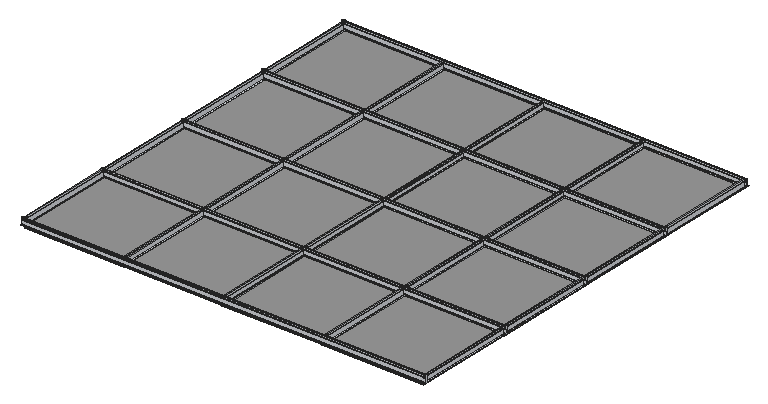
Revit family "GRD-TLE-001_RFA", category Modelos genéricos, Revit 2022 (continued)
Forms (in)
  Extrusion 287, solid, not visible
    sketch origin (24.02767, 82.90856, 0) x (1, 0, 0) y (0, 0, 1)
      loop
        line (0.42221, 1.66259) -> (0.42231, 0.67354)
        arc (0.42231, 0.67354) -> (0.41009, 0.64403) -> (0.38057, 0.6318) r 0.04174
        line (0.38057, 0.6318) -> (-0.00639, 0.6318) -> (-0.00639, 0.59057) -> (0.8874, 0.59057) -> (0.8874, 0.6318) -> (0.49998, 0.6318)
        arc (0.49998, 0.6318) -> (0.47046, 0.64403) -> (0.45824, 0.67354) r 0.04174
        line (0.45824, 0.67354) -> (0.45834, 1.66259)
        arc (0.45834, 1.66259) -> (0.46543, 1.67969) -> (0.48252, 1.68677) r 0.02418
        line (0.48252, 1.68677) -> (0.52252, 1.68677)
        arc (0.52252, 1.68677) -> (0.55303, 1.69941) -> (0.56566, 1.72991) r 0.04314
        line (0.56566, 1.72991) -> (0.56566, 2.14095)
        arc (0.56566, 2.14095) -> (0.5626, 2.15637) -> (0.55386, 2.16944) r 0.04029
        line (0.55386, 2.16944) -> (0.47053, 2.25277)
        arc (0.47053, 2.25277) -> (0.44027, 2.2653) -> (0.41002, 2.25277) r 0.04279
        line (0.41002, 2.25277) -> (0.32669, 2.16944)
        arc (0.32669, 2.16944) -> (0.31795, 2.15637) -> (0.31489, 2.14095) r 0.04029
        line (0.31489, 2.14095) -> (0.31489, 1.72991)
        arc (0.31489, 1.72991) -> (0.32752, 1.69941) -> (0.35803, 1.68677) r 0.04314
        line (0.35803, 1.68677) -> (0.39803, 1.68677)
        arc (0.39803, 1.68677) -> (0.41512, 1.67969) -> (0.42221, 1.66259) r 0.02418
      loop
        arc (0.33294, 1.7291) -> (0.34005, 1.71194) -> (0.35722, 1.70483) r 0.02428
        line (0.35722, 1.70483) -> (0.39815, 1.70483)
        arc (0.39815, 1.70483) -> (0.42797, 1.69248) -> (0.44023, 1.66266) r 0.04217
        arc (0.44023, 1.66266) -> (0.45258, 1.69248) -> (0.4824, 1.70483) r 0.04217
        line (0.4824, 1.70483) -> (0.52333, 1.70483)
        arc (0.52333, 1.70483) -> (0.54049, 1.71194) -> (0.54761, 1.7291) r 0.02428
        line (0.54761, 1.7291) -> (0.54761, 2.15016) -> (0.45704, 2.24072)
        arc (0.45704, 2.24072) -> (0.44027, 2.24767) -> (0.42351, 2.24072) r 0.02371
        line (0.42351, 2.24072) -> (0.33294, 2.15016) -> (0.33294, 1.7291)
    from 58.93614 to 81.99864
  Extrusion 288, solid, not visible
    sketch origin (0.02767, 82.90856, 0) x (1, 0, 0) y (0, 0, 1)
      loop
        line (0.42221, 1.66259) -> (0.42231, 0.67354)
        arc (0.42231, 0.67354) -> (0.41009, 0.64403) -> (0.38057, 0.6318) r 0.04174
        line (0.38057, 0.6318) -> (-0.00639, 0.6318) -> (-0.00639, 0.59057) -> (0.8874, 0.59057) -> (0.8874, 0.6318) -> (0.49998, 0.6318)
        arc (0.49998, 0.6318) -> (0.47046, 0.64403) -> (0.45824, 0.67354) r 0.04174
        line (0.45824, 0.67354) -> (0.45834, 1.66259)
        arc (0.45834, 1.66259) -> (0.46543, 1.67969) -> (0.48252, 1.68677) r 0.02418
        line (0.48252, 1.68677) -> (0.52252, 1.68677)
        arc (0.52252, 1.68677) -> (0.55303, 1.69941) -> (0.56566, 1.72991) r 0.04314
        line (0.56566, 1.72991) -> (0.56566, 2.14095)
        arc (0.56566, 2.14095) -> (0.5626, 2.15637) -> (0.55386, 2.16944) r 0.04029
        line (0.55386, 2.16944) -> (0.47053, 2.25277)
        arc (0.47053, 2.25277) -> (0.44027, 2.2653) -> (0.41002, 2.25277) r 0.04279
        line (0.41002, 2.25277) -> (0.32669, 2.16944)
        arc (0.32669, 2.16944) -> (0.31795, 2.15637) -> (0.31489, 2.14095) r 0.04029
        line (0.31489, 2.14095) -> (0.31489, 1.72991)
        arc (0.31489, 1.72991) -> (0.32752, 1.69941) -> (0.35803, 1.68677) r 0.04314
        line (0.35803, 1.68677) -> (0.39803, 1.68677)
        arc (0.39803, 1.68677) -> (0.41512, 1.67969) -> (0.42221, 1.66259) r 0.02418
      loop
        arc (0.33294, 1.7291) -> (0.34005, 1.71194) -> (0.35722, 1.70483) r 0.02428
        line (0.35722, 1.70483) -> (0.39815, 1.70483)
        arc (0.39815, 1.70483) -> (0.42797, 1.69248) -> (0.44023, 1.66266) r 0.04217
        arc (0.44023, 1.66266) -> (0.45258, 1.69248) -> (0.4824, 1.70483) r 0.04217
        line (0.4824, 1.70483) -> (0.52333, 1.70483)
        arc (0.52333, 1.70483) -> (0.54049, 1.71194) -> (0.54761, 1.7291) r 0.02428
        line (0.54761, 1.7291) -> (0.54761, 2.15016) -> (0.45704, 2.24072)
        arc (0.45704, 2.24072) -> (0.44027, 2.24767) -> (0.42351, 2.24072) r 0.02371
        line (0.42351, 2.24072) -> (0.33294, 2.15016) -> (0.33294, 1.7291)
    from 58.93614 to 81.99864
Dimensions and locks (in)
  Extrusion 175 to Extrusion 175 to Extrusion 177 to Extrusion 177 to Extrusion 179 to Extrusion 179 to Extrusion 181 to Extrusion 181 = 23.75", 0.25", 23.75", 0.25", 23.75", 0.25", 23.75"
  Extrusion 200 to Extrusion 200 to Extrusion 192 to Extrusion 192 to Extrusion 184 to Extrusion 184 to Extrusion 176 to Extrusion 175 = 23.75", 0.25", 23.75", 0.25", 23.75", 0.25", 23.75"
  aligned and locked: level to plane 2
